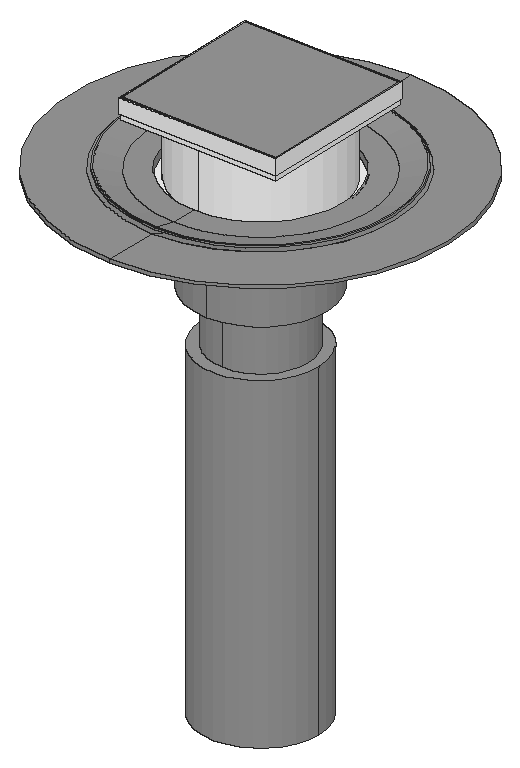
Revit family "HL_RU_Roof drain_HL69B-B-221103", category Instalační zařizovací předměty, Revit 2021
Family settings
  Kóta kulaté spojky = Použít průměr
  Typ dílu = Normální
  Číslo OmniClass = 23.70.50.21.24.14
  Nadpis OmniClass = Deck Waste Water Drains
  Založené na pracovní rovině = Ne
  Vždy vertikální = Ano
  Ořezat dutým tvarem při načtení = Ne
  Sdílené = Ne
  Bod výpočtu místnosti = Ano
Parameters (values of type "HL_Кровельная воронка_HL69B_1")
  РЕШЁТКА = "Edelstahl 137x137mm"
  РАЗМЕР = "für DN110"
  ПРОПУСКНАЯ СПОСОБНОСТЬ [instance] = 0.0 L/s
  ПРОИЗВОДИТЕЛЬНОСТЬ = "6,83 l/s"
  ПРАВОВАЯ ИНФОРМАЦИЯ = "Авторские права(©), права на дизайн или какие либо другие права интелектуальной собственности являются исключительной собственностью компании HL Hutterer & Lechner. Изменению не подлежит. Файл семейства с данными о прозводителе изделия защищен паролем с водяным знаком."
  НОМИНАЛЬНЫЙ ДИАМЕТР = 110 mm
  НАСАДКА = "12-65mm/148x148mm"
  МАТЕРИАЛ = "PP"
  МАКСИМАЛЬНАЯ НАГРУЗКА КЛАССА = "K - 300 kg"
  ВЫСОТА МОНТАЖА = "301 mm"
  ВЕС = "2,02 [kg]"
  Výchozí výška = 0 mm
  Výrobce = "HL Hutterer & Lechner GmbH"  # constant formula
  URL = "http://www.hutterer-lechner.com/ru/products/catalog/roof-drains/HL69B/1.aspx"
  Материал плитка [instance] = none
  Přípoj ventilace = no
  Přípoj odpadních dílů = yes
  Přípoj HW = no
  Přípoj CW = no
  Popis = "Кровельные воронки"
  Model = "HL69B_1"
  Assembly Code = " "
  Komentáře k typům = "HL69B/1, \"Ремонтная\" кровельная воронка для DN110. Проходная _ 148х148мм/137х137мм."
  Keynote = "HL69B_1"
  EAN = "9003076009176"
  Bысота монтажа [instance] = 65 mm
  G [instance] = 180.00°  # constant formula
  D [instance] = if(НОМИНАЛЬНЫЙ ДИАМЕТР = 110 mm, 358.8 mm, if(НОМИНАЛЬНЫЙ ДИАМЕТР = 125 mm, 358.8 mm, 245 mm)) + Bысота монтажа  # 423.8 mm
  C [instance] = if(Bысота монтажа - 68 mm < 0 mm, 0 mm, Bысота монтажа - 68 mm)  # 0 mm
  B [instance] = 100 mm  # constant formula
  A [instance] = if(B - 100 mm > 15 mm, B - 100 mm, 15 mm)  # 15 mm
Types (5, lengths in mm): name | РАЗМЕР | ПРОИЗВОДИТЕЛЬНОСТЬ | НОМИНАЛЬНЫЙ ДИАМЕТР | ВЕС | URL | Model | Komentáře k typům | Keynote | EAN | D
  (no name) | "für DN125" | "8,17 l/s" | 125 | "2,569 [kg]" | "http://www.hutterer-lechner.com/ru/products/catalog/roof-drains/HL69B/2.aspx" | "HL69B_2" | "HL69B/2, \"Ремонтная\" кровельная воронка для DN125. Проходная _ 148х148мм/137х137мм." | "HL69B_2" | "9003076009237" | 423.8
  HL_Кровельная воронка_HL69B_1 | "für DN110" | "6,83 l/s" | 110 | "2,02 [kg]" | "http://www.hutterer-lechner.com/ru/products/catalog/roof-drains/HL69B/1.aspx" | "HL69B_1" | "HL69B/1, \"Ремонтная\" кровельная воронка для DN110. Проходная _ 148х148мм/137х137мм." | "HL69B_1" | "9003076009176" | 423.8
  HL_Кровельная воронка_HL69B_2 | "für DN125" | "8,17 l/s" | 125 | "2,569 [kg]" | "http://www.hutterer-lechner.com/ru/products/catalog/roof-drains/HL69B/2.aspx" | "HL69B_2" | "HL69B/2, \"Ремонтная\" кровельная воронка для DN125. Проходная _ 148х148мм/137х137мм." | "HL69B_2" | "9003076009237" | 423.8
  HL_Кровельная воронка_HL69B_5 | "für DN160" | "6,50 l/s" | 160 | "2,02 [kg]" | "http://www.hutterer-lechner.com/ru/products/catalog/roof-drains/HL69B/5.aspx" | "HL69B_5" | "HL69B/5, \"Ремонтная\" кровельная воронка для DN160. Проходная _ 148х148мм/137х137мм." | "HL69B_5" | "9003076009213" | 310
  HL_Кровельная воронка_HL69B_7 | "für DN75" | "7,00 l/sec" | 75 | "1,961 [kg]" | "http://www.hutterer-lechner.com/ru/products/catalog/roof-drains/HL69B/7.aspx" | "HL69B_7" | "HL69B/7, \"Ремонтная\" кровельная воронка для DN75. Проходная _ 148х148мм/137х137мм." | "HL69B_7" | "9003076009190" | 310
Reference planes
  plane 1 "Center (Front/Back)": y = 0
  plane 2: z = 0
  plane 3 "Center (Left/Right)": x = 0
  plane 4: z = -100
  plane 5: z = -65
Lines and regions (mm)
  model lines, style "InvisibleLines"
    curve 1: line (0, 0, 0) -> (0, 0, 20)
  model lines, style "PlumbingFixtures", detail levels coarse+medium
    curve 2: line (0, 0, -100) -> (0, 0, -85)
    curve 3: line (0, 0, -85) -> (-85, 0, 0)
    curve 4: line (0, 0, -85) -> (85, 0, 0)
    curve 6: line (0, 0, -100) -> (0, 0, -523.8)
  reference lines, not visible
    curve 5: line (0, 0, -100) -> (0, 0, -523.8)
  symbolic lines, style "PlumbingFixtures", detail levels coarse+medium
    curve 7: line (-75, 75, 0) -> (75, 75, 0)
    curve 8: line (-75, -75, 0) -> (-75, 75, 0)
    curve 9: line (75, -75, 0) -> (-75, -75, 0)
    curve 10: line (75, 75, 0) -> (75, -75, 0)
    curve 11: line (-75, 75, 0) -> (-145.711, 145.711, 0)
    curve 12: line (75, 75, 0) -> (145.711, 145.711, 0)
    curve 13: line (-75, -75, 0) -> (-145.711, -145.711, 0)
    curve 14: line (75, -75, 0) -> (145.711, -145.711, 0)
  symbolic lines, style "PlumbingFixtures", not visible, detail levels coarse+medium
    curve 15: line (-75, 75, 0) -> (75, 75, 0)
    curve 16: line (-75, -75, 0) -> (-75, 75, 0)
    curve 17: line (75, -75, 0) -> (-75, -75, 0)
    curve 18: line (75, 75, 0) -> (75, -75, 0)
    curve 19: line (-75, 75, 0) -> (-145.711, 145.711, 0)
    curve 20: line (75, 75, 0) -> (145.711, 145.711, 0)
    curve 21: line (-75, -75, 0) -> (-145.711, -145.711, 0)
    curve 22: line (75, -75, 0) -> (145.711, -145.711, 0)
Text (mm)
  text "FLOOR" at (-162.344, 0, -10.979), in view "Drain Construction View"
Dimensions and locks
  "B": plane 2 to plane 4
  "Bысота монтажа": plane 2 to plane 5
  "A": curve 4 to plane 4
  "D": curve 5 to curve 5
  "D": curve 6 to curve 6
  locked: curve 4 to plane 3 "Center (Left/Right)" (angle 45.00°)
  locked: plane 3 "Center (Left/Right)" to curve 3 (angle 45.00°)
  "G": angle curve 5 to plane 3 "Center (Left/Right)"
  aligned and locked: level to plane 2
  aligned and locked: plane 2 to curve 4
  aligned and locked: plane 2 to curve 3
  aligned and locked: plane 4 to curve 5
  aligned and locked: plane 3 "Center (Left/Right)" to curve 5
  aligned and locked: plane 4 to curve 2
  aligned and locked: curve 6 to plane 4
  aligned and locked: plane 3 "Center (Left/Right)" to nested 1
  aligned and locked: plane 5 to nested 2
  aligned and locked: plane 2 to nested 1
  aligned and locked: nested 2 to curve 6
Automatic sketch dimensions
  curve 2 to plane 3 "Center (Left/Right)" = 0 mm
  curve 1 to plane 3 "Center (Left/Right)" = 0 mm
  curve 1 to level = 0 mm
  level to curve 1 = 20 mm
Nested families
  nested 1: "HL_Насадка_HL66.9S" at (0, 0, 0), Bысота монтажа <- "Bысота монтажа", type "HL_Grate frame_HL66.9S"
    with L 93 mm, IHmin 12 mm, IHmax 65 mm, Bысота монтажа 65 mm
  nested 2: "HL_кровельные воронки - корпус_HL69" at (0, 0, -65), НОМИНАЛЬНЫЙ ДИАМЕТР <- "НОМИНАЛЬНЫЙ ДИАМЕТР", type "HL_кровельные воронки - корпус_HL69"
    with НОМИНАЛЬНЫЙ ДИАМЕТР 110 mm, C no, B no, A yes
Connectors
  piping at (0, 0, -523.8), diameter 110, driven by "ПРОПУСКНАЯ СПОСОБНОСТЬ", driven by "НОМИНАЛЬНЫЙ ДИАМЕТР"
    settings: on curve 5, index 1, connector inside diameter 609.6 mm, connector length 0 mm, flow factor 0, pipe flow 0.0 L/s, pressure drop 0.0 Pa, fitting loss kfactor 0, connector angle 0.00°, fixture units 0, engagement length 0 mm, angle of deflection 0.00°, flow configuration 1, flow direction 2, fitting loss method 0, system type 16, joint type 0, gender type 0, connector reference index -1, connector utility 0, adjustable connector yes, is connector primary yes, connector description ""
Definition of nested family "HL_Насадка_HL66.9S"
  Parameters (values of type "HL_Grate frame_HL66.9S")
    РЕШЁТКА = "Edelstahl 138x138mm"
    РАЗМЕР = "d 145 mm"
    ПРАВОВАЯ ИНФОРМАЦИЯ = "Авторские права(©), права на дизайн или какие либо другие права интелектуальной собственности являются исключительной собственностью компании HL Hutterer & Lechner. Изменению не подлежит. Файл семейства с данными о прозводителе изделия защищен паролем с водяным знаком."
    НАСАДКА = "147x147mm"
    МАТЕРИАЛ = "PP"
    МАКСИМАЛЬНАЯ НАГРУЗКА КЛАССА = "K - 300 kg"
    ВЫСОТА МОНТАЖА = "12-65mm"
    Материал плитка = none
    ВЕС = "0,345 [kg]"
    Default Elevation = 0 mm
    L [instance] = if(Bысота монтажа < IHmin, -100 mm, if(Bысота монтажа > IHmax, -100 mm, Bысота монтажа + 28 mm))  # 93 mm
    Manufacturer = "HL Hutterer & Lechner GmbH"
    URL = "http://www.hutterer-lechner.com/ru/products/catalog/roof-drains/HL66.9.aspx"
    Description = "Кровельные воронки"
    Model = "HL66.9"
    Type Comments = "HL66.9, Насадка d 145мм с бороздками/147х147мм/138х138мм"
    Keynote = "HL66.9"
    Bысота монтажа [instance] = 65 mm
    IHmin [instance] = 12 mm
    IHmax [instance] = 65 mm
    EAN = "9003076014606"
    Cost = 0
  Reference planes
    plane 1 "Střed (vpředu/vzadu)": y = 0
    plane 2: z = 0
    plane 3 "Střed (vlevo/vpravo)": x = 0
  Forms (mm)
    Revolve 1, solid, detail levels fine
      sketch origin (0, 0, 128) x (0, 1, 0) y (0, 0, 1)
        loop
          line (72.5, -142) -> (69.248, -142) -> (69.248, -221) -> (72.5, -221) -> (72.5, -142)
        axis (0, -142) -> (0, -221)
      angle from 0 to 360
    Extrusion 2, solid, detail levels fine
      sketch origin (-1.537, 0, -14.6) x (0, 1, 0) y (-1, 0, 0)
        loop
          line (74, 72.459) -> (-74, 72.459) -> (-74, -75.537) -> (74, -75.537) -> (74, 72.459)
        loop
          line (73, 71.463) -> (-73, 71.463) -> (-73, -74.537) -> (73, -74.537) -> (73, 71.463)
      from 0.6 to 14.6
    Extrusion 3, solid, detail levels fine
      sketch origin (-1.537, 0, -14) x (-1, 0, 0) y (0, 1, 0)
        loop
          line (71.463, 73) -> (-74.537, 73) -> (-74.537, -73) -> (71.463, -73) -> (71.463, 73)
        loop
          circle (-1.537, 0) r 72.5
      from 0 to 5
    Extrusion 4, solid, detail levels fine
      sketch origin (-1.537, 0, -14) x (-1, 0, 0) y (0, -1, 0)
        loop
          line (70.95, -72.397) -> (70.95, 72.463) -> (-74.05, 72.463) -> (-74.05, -72.397) -> (70.95, -72.397)
      from 0 to 14
    Revolve 5, solid, detail levels fine
      sketch origin (0, 75.989, -93) x (0, -1, 0) y (0, 0, -1)
        loop
          line (3.489, -20) -> (3.489, 0) -> (0.186, 0) -> (-2.325, -2.511) -> (-2.325, -20) -> (3.489, -20)
        axis (75.989, -20) -> (75.989, 0)
      angle from 0 to 360
  Lines and regions (mm)
    model lines, detail levels fine
      curve 1: line (36.25, 24.325, 0) -> (36.25, -24.42, 0)
      curve 2: line (43.75, -24.42, 0) -> (43.75, 24.325, 0)
      curve 3: line (52.25, 40.306, 0) -> (52.25, -40.355, 0)
      curve 4: line (59.75, -40.355, 0) -> (59.75, 40.306, 0)
      curve 5: line (20.25, 8.588, 0) -> (20.25, -8.684, 0)
      curve 6: line (27.75, -8.684, 0) -> (27.75, 8.588, 0)
      curve 7: arc (27.75, 8.588, 0) -> (24, 12.338, 0) -> (20.25, 8.588, 0) r 3.75
      curve 8: arc (20.25, -8.684, 0) -> (24, -12.434, 0) -> (27.75, -8.684, 0) r 3.75
      curve 9: arc (36.25, -24.42, 0) -> (40, -28.17, 0) -> (43.75, -24.42, 0) r 3.75
      curve 10: arc (43.75, 24.325, 0) -> (40, 28.075, 0) -> (36.25, 24.325, 0) r 3.75
      curve 11: arc (59.75, 40.306, 0) -> (56, 44.056, 0) -> (52.25, 40.306, 0) r 3.75
      curve 12: arc (52.25, -40.355, 0) -> (56, -44.105, 0) -> (59.75, -40.355, 0) r 3.75
      curve 13: line (-24.325, -36.25, 0) -> (24.42, -36.25, 0)
      curve 14: line (24.42, -43.75, 0) -> (-24.325, -43.75, 0)
      curve 15: line (-40.306, -52.25, 0) -> (40.355, -52.25, 0)
      curve 16: line (40.355, -59.75, 0) -> (-40.306, -59.75, 0)
      curve 17: line (-8.588, -20.25, 0) -> (8.684, -20.25, 0)
      curve 18: line (8.684, -27.75, 0) -> (-8.588, -27.75, 0)
      curve 19: arc (-8.588, -27.75, 0) -> (-12.338, -24, 0) -> (-8.588, -20.25, 0) r 3.75
      curve 20: arc (8.684, -20.25, 0) -> (12.434, -24, 0) -> (8.684, -27.75, 0) r 3.75
      curve 21: arc (24.42, -36.25, 0) -> (28.17, -40, 0) -> (24.42, -43.75, 0) r 3.75
      curve 22: arc (-24.325, -43.75, 0) -> (-28.075, -40, 0) -> (-24.325, -36.25, 0) r 3.75
      curve 23: arc (-40.306, -59.75, 0) -> (-44.056, -56, 0) -> (-40.306, -52.25, 0) r 3.75
      curve 24: arc (40.355, -52.25, 0) -> (44.105, -56, 0) -> (40.355, -59.75, 0) r 3.75
      curve 25: line (36.25, -24.42, 0) -> (36.25, 24.325, 0)
      curve 26: line (43.75, 24.325, 0) -> (43.75, -24.42, 0)
      curve 27: line (52.25, -40.355, 0) -> (52.25, 40.306, 0)
      curve 28: line (59.75, 40.306, 0) -> (59.75, -40.355, 0)
      curve 29: line (20.25, -8.684, 0) -> (20.25, 8.588, 0)
      curve 30: line (27.75, 8.588, 0) -> (27.75, -8.684, 0)
      curve 31: arc (27.75, -8.588, 0) -> (24, -12.338, 0) -> (20.25, -8.588, 0) r 3.75
      curve 32: arc (20.25, 8.684, 0) -> (24, 12.434, 0) -> (27.75, 8.684, 0) r 3.75
      curve 33: arc (36.25, 24.42, 0) -> (40, 28.17, 0) -> (43.75, 24.42, 0) r 3.75
      curve 34: arc (43.75, -24.325, 0) -> (40, -28.075, 0) -> (36.25, -24.325, 0) r 3.75
      curve 35: arc (59.75, -40.306, 0) -> (56, -44.056, 0) -> (52.25, -40.306, 0) r 3.75
      curve 36: arc (52.25, 40.355, 0) -> (56, 44.105, 0) -> (59.75, 40.355, 0) r 3.75
      curve 37: line (24.42, -36.25, 0) -> (-24.325, -36.25, 0)
      curve 38: line (-24.325, -43.75, 0) -> (24.42, -43.75, 0)
      curve 39: line (40.355, -52.25, 0) -> (-40.306, -52.25, 0)
      curve 40: line (-40.306, -59.75, 0) -> (40.355, -59.75, 0)
      curve 41: line (8.684, -20.25, 0) -> (-8.588, -20.25, 0)
      curve 42: line (-8.588, -27.75, 0) -> (8.684, -27.75, 0)
      curve 43: arc (8.588, -27.75, 0) -> (12.338, -24, 0) -> (8.588, -20.25, 0) r 3.75
      curve 44: arc (-8.684, -20.25, 0) -> (-12.434, -24, 0) -> (-8.684, -27.75, 0) r 3.75
      curve 45: arc (-24.42, -36.25, 0) -> (-28.17, -40, 0) -> (-24.42, -43.75, 0) r 3.75
      curve 46: arc (24.325, -43.75, 0) -> (28.075, -40, 0) -> (24.325, -36.25, 0) r 3.75
      curve 47: arc (40.306, -59.75, 0) -> (44.056, -56, 0) -> (40.306, -52.25, 0) r 3.75
      curve 48: arc (-40.355, -52.25, 0) -> (-44.105, -56, 0) -> (-40.355, -59.75, 0) r 3.75
      curve 49: line (-36.25, 24.325, 0) -> (-36.25, -24.325, 0)
      curve 50: line (-43.75, -24.325, 0) -> (-43.75, 24.325, 0)
      curve 51: line (-52.25, 40.306, 0) -> (-52.25, -40.306, 0)
      curve 52: line (-59.75, -40.306, 0) -> (-59.75, 40.306, 0)
      curve 53: line (-20.25, 8.588, 0) -> (-20.25, -8.588, 0)
      curve 54: line (-27.75, -8.684, 0) -> (-27.75, 8.588, 0)
      curve 55: arc (-27.75, 8.588, 0) -> (-24, 12.338, 0) -> (-20.25, 8.588, 0) r 3.75
      curve 56: arc (-20.25, -8.684, 0) -> (-24, -12.434, 0) -> (-27.75, -8.684, 0) r 3.75
      curve 57: arc (-43.75, 24.325, 0) -> (-40, 28.075, 0) -> (-36.25, 24.325, 0) r 3.75
      curve 58: arc (-59.75, 40.306, 0) -> (-56, 44.056, 0) -> (-52.25, 40.306, 0) r 3.75
      curve 59: line (-36.25, -24.325, 0) -> (-36.25, 24.325, 0)
      curve 60: line (-43.75, 24.325, 0) -> (-43.75, -24.325, 0)
      curve 61: line (-52.25, -40.306, 0) -> (-52.25, 40.306, 0)
      curve 62: line (-59.75, 40.306, 0) -> (-59.75, -40.306, 0)
      curve 63: line (-20.25, -8.588, 0) -> (-20.25, 8.588, 0)
      curve 64: line (-27.75, 8.588, 0) -> (-27.75, -8.684, 0)
      curve 65: arc (-27.75, -8.588, 0) -> (-24, -12.338, 0) -> (-20.25, -8.588, 0) r 3.75
      curve 66: arc (-20.25, 8.684, 0) -> (-24, 12.434, 0) -> (-27.75, 8.684, 0) r 3.75
      curve 67: arc (-36.25, 24.42, 0) -> (-40, 28.17, 0) -> (-43.75, 24.42, 0) r 3.75
      curve 68: arc (-43.75, -24.325, 0) -> (-40, -28.075, 0) -> (-36.25, -24.325, 0) r 3.75
      curve 69: arc (-59.75, -40.306, 0) -> (-56, -44.056, 0) -> (-52.25, -40.306, 0) r 3.75
      curve 70: arc (-52.25, 40.355, 0) -> (-56, 44.105, 0) -> (-59.75, 40.355, 0) r 3.75
      curve 71: line (-24.42, 36.25, 0) -> (24.325, 36.25, 0)
      curve 72: line (24.42, 43.75, 0) -> (-24.42, 43.75, 0)
      curve 73: line (-40.355, 52.25, 0) -> (40.306, 52.25, 0)
      curve 74: line (40.306, 59.75, 0) -> (-40.355, 59.75, 0)
      curve 75: line (-8.588, 20.25, 0) -> (8.588, 20.25, 0)
      curve 76: line (8.684, 27.75, 0) -> (-8.588, 27.75, 0)
      curve 77: arc (-8.588, 27.75, 0) -> (-12.338, 24, 0) -> (-8.588, 20.25, 0) r 3.75
      curve 78: arc (8.684, 20.25, 0) -> (12.434, 24, 0) -> (8.684, 27.75, 0) r 3.75
      curve 79: arc (24.42, 36.25, 0) -> (28.17, 40, 0) -> (24.42, 43.75, 0) r 3.75
      curve 80: line (24.325, 36.25, 0) -> (-24.42, 36.25, 0)
      curve 81: line (-24.42, 43.75, 0) -> (24.42, 43.75, 0)
      curve 82: line (40.306, 52.25, 0) -> (-40.355, 52.25, 0)
      curve 83: line (-40.355, 59.75, 0) -> (40.306, 59.75, 0)
      curve 84: line (8.588, 20.25, 0) -> (-8.588, 20.25, 0)
      curve 85: line (-8.588, 27.75, 0) -> (8.684, 27.75, 0)
      curve 86: arc (8.588, 27.75, 0) -> (12.338, 24, 0) -> (8.588, 20.25, 0) r 3.75
      curve 87: arc (-8.684, 20.25, 0) -> (-12.434, 24, 0) -> (-8.684, 27.75, 0) r 3.75
      curve 88: arc (-24.42, 36.25, 0) -> (-28.17, 40, 0) -> (-24.42, 43.75, 0) r 3.75
      curve 89: arc (24.325, 43.75, 0) -> (28.075, 40, 0) -> (24.325, 36.25, 0) r 3.75
      curve 90: arc (40.306, 59.75, 0) -> (44.056, 56, 0) -> (40.306, 52.25, 0) r 3.75
      curve 91: arc (-40.355, 52.25, 0) -> (-44.105, 56, 0) -> (-40.355, 59.75, 0) r 3.75
    reference lines
      curve 92: line (0, 75.989, -93) -> (0, -174.011, -93)
  Dimensions and locks
    Extrusion 2 sketch curve to Extrusion 2 sketch curve = 147.996 mm
    Extrusion 2 sketch curve to Extrusion 2 sketch curve = 148 mm
    "L": curve 92 to plane 2
    aligned and locked: level to plane 2
    aligned and locked: Revolve 1 to curve 92
  Automatic sketch dimensions
    plane 1 "Střed (vpředu/vzadu)" to Extrusion 2 sketch curve = 74 mm
    Extrusion 2 sketch curve to Extrusion 2 sketch curve = 1 mm  (x3)
    plane 3 "Střed (vlevo/vpravo)" to Extrusion 2 sketch curve = 74 mm
    Extrusion 2 sketch curve to Extrusion 2 sketch curve = 0.996 mm
    Extrusion 3 sketch curve to Extrusion 2 = 0 mm  (x4)
    Extrusion 3 sketch curve to Extrusion 2 = 73 mm  (x2)
    Extrusion 2 to curve 16 = 13.25 mm
    curve 24 to curve 47 = 3.75 mm
    curve 47 to curve 24 = 0 mm
    curve 48 to curve 23 = 0 mm  (x2)
    curve 23 to curve 38 = 8.5 mm
    curve 24 to curve 12 = 11.895 mm
    curve 12 to curve 35 = 0.048 mm
    curve 15 to curve 69 = 11.944 mm
    curve 22 to curve 45 = 3.75 mm
    curve 21 to curve 46 = 3.75 mm
    curve 46 to curve 21 = 0 mm
    curve 22 to curve 18 = 8.5 mm
    curve 21 to curve 9 = 11.83 mm
    curve 13 to curve 49 = 11.925 mm
    curve 9 to curve 34 = 0.095 mm
    curve 18 to curve 19 = 3.75 mm
    curve 44 to curve 19 = 0 mm  (x2)
    curve 43 to curve 20 = 0 mm
    curve 20 to curve 5 = 11.566 mm
    curve 49 to curve 64 = 15.642 mm
    curve 8 to curve 31 = 0.095 mm
    curve 56 to curve 53 = 0.095 mm
    curve 65 to curve 64 = 17.177 mm
    curve 31 to curve 29 = 17.177 mm
    curve 7 to curve 32 = 0.095 mm
    curve 55 to curve 66 = 0.095 mm
    curve 32 to curve 84 = 11.566 mm
    curve 86 to curve 78 = 3.75 mm
    curve 86 to curve 78 = 0 mm
    curve 77 to curve 87 = 3.75 mm
    curve 87 to curve 77 = 0 mm  (x2)
    curve 66 to curve 60 = 15.642 mm
    curve 32 to curve 26 = 15.642 mm
    curve 10 to curve 33 = 0.095 mm
    curve 57 to curve 67 = 0.095 mm
    curve 33 to curve 71 = 11.83 mm
    curve 89 to curve 89 = 3.75 mm
    curve 88 to curve 88 = 3.75 mm
    curve 89 to curve 79 = 0 mm
    curve 33 to curve 11 = 15.886 mm
    curve 67 to curve 51 = 15.886 mm
    curve 58 to curve 70 = 0.048 mm
    curve 11 to curve 36 = 0.048 mm
    curve 70 to curve 73 = 11.895 mm
    curve 90 to curve 90 = 3.75 mm
    Extrusion 2 to curve 28 = 13.25 mm
    curve 4 to curve 11 = 3.75 mm
    curve 35 to curve 12 = 0 mm
    curve 36 to curve 11 = 0 mm
    curve 3 to curve 2 = 8.5 mm
    curve 3 to curve 39 = 11.895 mm
    curve 11 to curve 83 = 11.944 mm
    curve 24 to curve 47 = 0.048 mm
    curve 26 to curve 9 = 3.75 mm
    curve 33 to curve 10 = 0 mm
    curve 34 to curve 9 = 0 mm
    curve 34 to curve 30 = 8.5 mm
    curve 90 to curve 72 = 15.886 mm
    curve 1 to curve 21 = 11.83 mm
    curve 79 to curve 80 = 0.095 mm
    curve 21 to curve 46 = 0.095 mm
    curve 6 to curve 32 = 3.75 mm
    curve 6 to curve 8 = 3.75 mm
    curve 31 to curve 8 = 0 mm
    curve 29 to curve 17 = 11.566 mm
    curve 7 to curve 78 = 11.566 mm
    curve 78 to curve 86 = 0.095 mm
    curve 20 to curve 43 = 0.095 mm
    curve 43 to curve 41 = 17.177 mm
    curve 86 to curve 77 = 17.177 mm
    curve 19 to curve 44 = 0.095 mm
    curve 77 to curve 87 = 0.095 mm
    curve 87 to curve 53 = 11.566 mm
    curve 53 to curve 66 = 3.75 mm
    curve 55 to curve 66 = 0 mm
    curve 56 to curve 54 = 3.75 mm
    curve 65 to curve 56 = 0 mm
    curve 44 to curve 14 = 15.642 mm
    curve 22 to curve 45 = 0.095 mm
    curve 87 to curve 72 = 15.736 mm
    curve 45 to curve 59 = 11.83 mm
    curve 57 to curve 67 = 3.75 mm
    curve 68 to curve 68 = 3.75 mm
    curve 45 to curve 15 = 15.886 mm
    curve 23 to curve 48 = 0.048 mm
    curve 72 to curve 74 = 15.935 mm
    curve 91 to curve 51 = 11.895 mm
    curve 51 to curve 70 = 3.75 mm
    curve 51 to curve 69 = 3.75 mm
    curve 45 to curve 22 = 0 mm
    curve 36 to curve 28 = 0 mm
    curve 33 to curve 2 = 0 mm
    curve 32 to curve 30 = 0 mm
    curve 66 to curve 55 = 0 mm
    curve 67 to curve 57 = 0 mm
    curve 70 to curve 51 = 0 mm
    Extrusion 4 sketch curve to Extrusion 3 = 0.487 mm
    Extrusion 4 sketch curve to Extrusion 3 = 0.513 mm
    Extrusion 4 sketch curve to Extrusion 3 = 0.603 mm
    Extrusion 4 sketch curve to Extrusion 3 = 0.537 mm
    Revolve 1 sketch curve to plane 1 "Střed (vpředu/vzadu)" = 0 mm
    Revolve 1 sketch curve to level = 14 mm
    Revolve 1 sketch curve to plane 1 "Střed (vpředu/vzadu)" = 69.248 mm
    Revolve 1 sketch curve to Revolve 1 sketch curve = 3.252 mm
    Revolve 1 sketch curve to Revolve 1 sketch curve = 79 mm
    Revolve 1 sketch curve to Revolve 1 sketch curve = 17.5 mm
    level to Revolve 1 sketch curve = 144.5 mm
    Revolve 5 sketch curve to curve 92 = 0 mm
    Revolve 5 sketch curve to curve 92 = 2.325 mm
    curve 92 to Revolve 5 sketch curve = 0.186 mm
    curve 92 to Revolve 5 sketch curve = 3.489 mm
    Revolve 5 sketch curve to curve 92 = 2.511 mm
    Revolve 5 sketch curve to curve 92 = 20 mm
    curve 92 to Revolve 5 sketch curve = 75.989 mm
    Revolve 5 sketch curve to curve 92 = 393 mm
    curve 92 to Revolve 5 sketch curve = 207 mm
    plane 1 "Střed (vpředu/vzadu)" to curve 92 = 174.011 mm
    curve 92 to plane 1 "Střed (vpředu/vzadu)" = 75.989 mm
    radius of Extrusion 3 sketch curve = 72.5 mm
Definition of nested family "HL_кровельные воронки - корпус_HL69"
  Parameters (values of type "HL_кровельные воронки - корпус_HL69")
    НОМИНАЛЬНЫЙ ДИАМЕТР [instance] = 110 mm
    Default Elevation = 0 mm
    Manufacturer = ""
    URL = ""
    Description = ""
    Model = ""
    Type Comments = ""
    Cost = 0
    C [instance] = if(НОМИНАЛЬНЫЙ ДИАМЕТР = 160 mm, (1 = 1), 0 = 1)  # no
    B [instance] = if(НОМИНАЛЬНЫЙ ДИАМЕТР = 75 mm, (1 = 1), 0 = 1)  # no
    A [instance] = if(or(НОМИНАЛЬНЫЙ ДИАМЕТР = 125 mm, НОМИНАЛЬНЫЙ ДИАМЕТР = 110 mm), (1 = 1), 0 = 1)  # yes
  Reference planes
    plane 1 "Střed (vpředu/vzadu)": y = 0
    plane 2: z = 0
    plane 3 "Střed (vlevo/vpravo)": x = 0
  Forms (mm)
    Revolve 1, solid, detail levels fine
      sketch origin (0, 0, 0) x (0, 1, 0) y (0, 0, 1)
        loop
          line (0, -44) -> (80.91, -44) -> (80.91, -36.232) -> (101.88, -36.232) -> (101.88, -9.83) -> (77.75, -25.5) -> (77.75, -41) -> (0, -41) -> (0, -44)
        axis (0, -9.83) -> (0, -44)
      angle from 0 to 360
    Revolve 2, solid, detail levels fine
      sketch origin (0, 0, 0) x (0, 1, 0) y (0, 0, 1)
        loop
          line (124.573, 3.426) -> (123.3, 3.426) -> (101.8, -1.8) -> (79.003, -1.8) -> (79.003, -22.781) -> (74.487, -22.781) -> (74.487, -28.8) -> (75.498, -28.8) -> (75.498, -23.8) -> (80.006, -23.8) -> (80.006, -3) -> (101.756, -3) -> (124.573, 2.058) -> (124.573, 3.426)
        axis (0, 3.426) -> (0, -28.8)
      angle from 0 to 360
    Revolve 3, solid, detail levels fine
      sketch origin (0, 0, 0) x (0, 1, 0) y (0, 0, 1)
        loop
          line (177, -3) -> (177, 0) -> (127.563, 0) -> (101.88, -9.83) -> (101.88, -13.425) -> (130.522, -3) -> (177, -3)
        axis (0, 0) -> (0, -13.425)
      angle from 0 to 360
    Revolve 4, solid, visible <- "A", detail levels fine
      sketch origin (0, -420, 0) x (0, 1, 0) y (0, 0, 1)
        loop
          line (483.14, -99) -> (483.14, -61.957) -> (493.507, -44) -> (420, -44) -> (420, -99) -> (483.14, -99)
        axis (420, -44) -> (420, -99)
      angle from 0 to 360
    Extrusion 5, solid, visible <- "A", detail levels fine
      sketch origin (0, 0, -99) x (0, 1, 0) y (1, 0, 0)
        loop
          circle (0, 0) r 44.902
      from 0 to 50
    Extrusion 6, solid, visible <- "A", detail levels fine
      sketch origin (0, 0, -149) x (-1, 0, 0) y (0, 1, 0)
        loop
          circle (0, 0) r 55
      from 0 to 309.811
    Revolve 7, solid, visible <- "B", detail levels fine
      sketch origin (0, 0, 0) x (0, 1, 0) y (0, 0, 1)
        loop
          line (28.14, -95.1) -> (62.41, -44) -> (0, -44) -> (0, -345) -> (35.84, -345) -> (35.84, -115.1) -> (28.14, -115.1) -> (28.14, -95.1)
        axis (0, -44) -> (0, -345)
      angle from 0 to 360
    Revolve 8, solid, visible <- "C", detail levels fine
      sketch origin (0, 0, 0) x (0, 1, 0) y (0, 0, 1)
        loop
          line (73.507, -44) -> (0, -44) -> (0, -345) -> (81.007, -345) -> (81.007, -106.5) -> (63.507, -106.5) -> (63.507, -66) -> (73.507, -66) -> (73.507, -44)
        axis (0, -44) -> (0, -345)
      angle from 0 to 360
  Dimensions and locks
    "НОМИНАЛЬНЫЙ ДИАМЕТР": diameter of Extrusion 6 sketch curve
    aligned and locked: level to plane 2
  Automatic sketch dimensions
    Revolve 1 sketch curve to plane 1 "Střed (vpředu/vzadu)" = 0 mm  (x2)
    Revolve 1 sketch curve to plane 1 "Střed (vpředu/vzadu)" = 77.75 mm
    Revolve 1 sketch curve to Revolve 1 sketch curve = 3.16 mm
    Revolve 1 sketch curve to level = 9.83 mm
    Revolve 1 sketch curve to Revolve 1 sketch curve = 24.13 mm
    Revolve 1 sketch curve to level = 25.5 mm
    Revolve 1 sketch curve to Revolve 1 sketch curve = 10.732 mm
    Revolve 1 sketch curve to level = 41 mm
    Revolve 1 sketch curve to Revolve 1 sketch curve = 3 mm
    level to Revolve 1 sketch curve = 139.054 mm
    Revolve 1 sketch curve to Revolve 1 sketch curve = 80 mm
    Revolve 2 sketch curve to plane 1 "Střed (vpředu/vzadu)" = 0 mm
    Revolve 2 sketch curve to level = 22.781 mm
    Revolve 2 sketch curve to plane 1 "Střed (vpředu/vzadu)" = 74.487 mm
    Revolve 2 sketch curve to Revolve 2 sketch curve = 1.012 mm
    Revolve 2 sketch curve to Revolve 2 sketch curve = 3.505 mm
    Revolve 2 sketch curve to Revolve 2 sketch curve = 1.003 mm
    Revolve 2 sketch curve to level = 3 mm
    Revolve 2 sketch curve to Revolve 2 sketch curve = 21.75 mm
    Revolve 2 sketch curve to Revolve 2 sketch curve = 0.044 mm
    level to Revolve 2 sketch curve = 3.426 mm
    Revolve 2 sketch curve to Revolve 2 sketch curve = 21.5 mm
    Revolve 2 sketch curve to Revolve 2 sketch curve = 1.273 mm
    Revolve 2 sketch curve to Revolve 2 sketch curve = 1.019 mm
    Revolve 2 sketch curve to Revolve 2 sketch curve = 5 mm
    Revolve 2 sketch curve to Revolve 2 sketch curve = 1.2 mm
    Revolve 2 sketch curve to Revolve 2 sketch curve = 1.368 mm
    level to Revolve 2 sketch curve = 30.586 mm
    Revolve 2 sketch curve to Revolve 2 sketch curve = 22.614 mm
    Revolve 3 sketch curve to plane 1 "Střed (vpředu/vzadu)" = 0 mm
    level to Revolve 3 sketch curve = 0 mm
    Revolve 3 sketch curve to level = 13.425 mm
    Revolve 3 sketch curve to plane 1 "Střed (vpředu/vzadu)" = 101.88 mm
    Revolve 3 sketch curve to Revolve 3 sketch curve = 25.683 mm
    Revolve 3 sketch curve to level = 3 mm
    Revolve 3 sketch curve to Revolve 3 sketch curve = 2.96 mm
    Revolve 3 sketch curve to Revolve 3 sketch curve = 46.478 mm
    Revolve 3 sketch curve to Revolve 3 sketch curve = 3.595 mm
    level to Revolve 3 sketch curve = 51.784 mm
    Revolve 3 sketch curve to Revolve 3 sketch curve = 30 mm
    Revolve 4 sketch curve to plane 1 "Střed (vpředu/vzadu)" = 0 mm  (x2)
    Revolve 4 sketch curve to plane 1 "Střed (vpředu/vzadu)" = 63.14 mm
    Revolve 4 sketch curve to Revolve 4 sketch curve = 10.367 mm
    Revolve 4 sketch curve to level = 99 mm
    Revolve 4 sketch curve to Revolve 4 sketch curve = 37.043 mm
    Revolve 4 sketch curve to level = 44 mm
    level to Revolve 4 sketch curve = 139.054 mm
    Revolve 4 sketch curve to Revolve 4 sketch curve = 80 mm
    Revolve 7 sketch curve to plane 1 "Střed (vpředu/vzadu)" = 0 mm
    Revolve 7 sketch curve to plane 1 "Střed (vpředu/vzadu)" = 28.14 mm
    Revolve 7 sketch curve to plane 1 "Střed (vpředu/vzadu)" = 35.84 mm
    Revolve 7 sketch curve to Revolve 7 sketch curve = 34.27 mm
    Revolve 7 sketch curve to level = 345 mm
    Revolve 7 sketch curve to level = 115.1 mm
    Revolve 7 sketch curve to Revolve 7 sketch curve = 20 mm
    Revolve 7 sketch curve to level = 44 mm
    Revolve 8 sketch curve to plane 1 "Střed (vpředu/vzadu)" = 0 mm
    Revolve 8 sketch curve to plane 1 "Střed (vpředu/vzadu)" = 63.507 mm
    Revolve 8 sketch curve to Revolve 8 sketch curve = 10 mm
    Revolve 8 sketch curve to plane 1 "Střed (vpředu/vzadu)" = 81.007 mm
    Revolve 8 sketch curve to level = 345 mm
    Revolve 8 sketch curve to Revolve 8 sketch curve = 40.5 mm
    Revolve 8 sketch curve to Revolve 8 sketch curve = 22 mm
    Revolve 8 sketch curve to level = 44 mm
    radius of Extrusion 5 sketch curve to Revolve 4 = 18.238 mm
